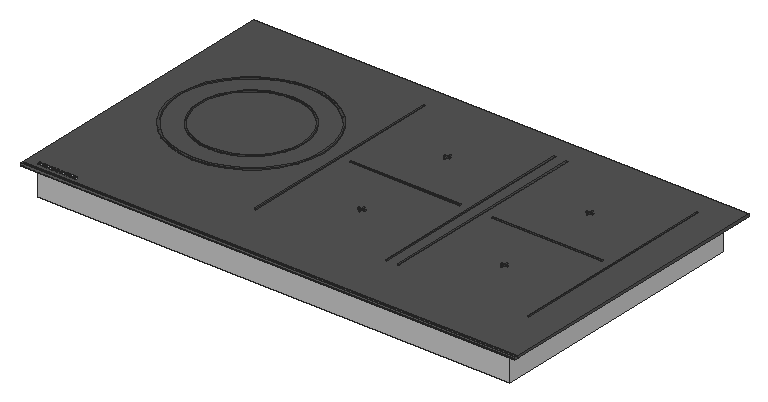
Revit family "FP_Revit_18_CI905DTB4_Cooktop_90000855B", category Specialty Equipment, Revit 2018
Family settings
  Round Connector Dimension = Use Diameter
  Part Type = Normal
  OmniClass Number = 23.40.40.14.17.11
  OmniClass Title = Cookers, Ovens, Stoves
  Work Plane-Based = No
  Always vertical = Yes
  Cut with Voids When Loaded = Yes
  Shared = No
  Room Calculation Point = No
Parameters
  Visibility - Clearance Required = yes
  URL = "www.fisherpaykel.com"
  Product - Width = 899 mm  # constant formula
  Product - Height = 54 mm  # constant formula
  Product - Depth = 530 mm  # constant formula
  Model = "CI905DTB4"
  Material - Trim = Fisher & Paykel - Aluminium, Dark
  Material - Graphics = Fisher & Paykel - Black, Matte
  Material - Cooktop = Fisher & Paykel - Glass, Black
  Material - Body = Fisher & Paykel - Grey
  Manufacturer = "Fisher & Paykel Appliances"
  FFL Offset [instance] = 900 mm
  Description = "90cm Induction Cooktop"
  Connector Note - Electrical = "220-240 V 3N, 380-415 V 3N, 43 A, 50 Hz,"
  Clearance - Side of cooktop to nearest Combustible Surface = 15.5 mm  # constant formula
  Clearance - Rear of cooktop to nearest Combustible Surface = 8 mm  # constant formula
  Clearance - Overhead Rangehood = 650 mm  # constant formula
  Clearance - Below = 65 mm  # constant formula
  Chassis - Width = 858 mm  # constant formula
  Chassis - Height = 49 mm  # constant formula
  Chassis - Depth = 484 mm  # constant formula
  Cavity - Width = 870 mm  # constant formula
  Cavity - Height = 65 mm  # constant formula
  Cavity - Depth = 494 mm  # constant formula
Reference planes
  plane 1 "Datum": y = 0
  plane 2: z = 0
  plane 3 "Center (Left/Right)": x = 0
  plane 4 "Product LHS": x = -449.5
  plane 5 "Product RHS": x = 449.5
  plane 6 "Product - Depth": y = 530
  plane 7 "Cavity LHS": x = -435
  plane 8 "Cavity RHS": x = 435
  plane 9 "Cavity - Depth": y = 502.7
  plane 10 "Chassis Front": y = 13.2
  plane 11 "Chassis - Depth": y = 497.2
  plane 12 "Basepan": z = 851
  plane 13 "Benchtop": z = 900
  plane 14 "Glass": z = 905
  plane 15 "Cavity - Front": y = 8.7
Forms (mm)
  Extrusion 1, solid, material "Fisher & Paykel - Glass, Black" <- "Material - Cooktop"
    sketch origin (0, 0, 0) x (0, 1, 0) y (0, 0, 1)
      loop
        line (5.299, 905) -> (5.299, 901) -> (530, 901) -> (530, 905) -> (5.299, 905)
    from -449.5 to 449.5
  Extrusion 2, solid, material "Fisher & Paykel - Aluminium, Dark" <- "Material - Trim", detail levels fine
    sketch origin (0, 0, 0) x (0, 1, 0) y (0, 0, 1)
      loop
        line (5.299, 905) -> (0.45, 905) -> (0, 901.5) -> (0, 900) -> (8.39, 900) -> (8.39, 901) -> (5.299, 901) -> (5.299, 905)
    from -449.5 to 449.5
  Extrusion 3, solid, material "Fisher & Paykel - Clearance Required (Cutout)", visible <- "Visibility - Clearance Required", detail levels coarse
    sketch origin (0, 24.768, 0) x (1, 0, 0) y (0, 1, 0)
      loop
        line (-435, 477.932) -> (-435, -16.068) -> (435, -16.068) -> (435, 477.932) -> (-435, 477.932)
    from 835 to 900
  Extrusion 4, solid, material "Fisher & Paykel - Aluminium, Dark" <- "Material - Trim", detail levels coarse+medium
    sketch origin (0, 0, 0) x (0, 1, 0) y (0, 0, 1)
      loop
        line (5.299, 905) -> (0, 905) -> (0, 900) -> (5.299, 900) -> (5.299, 905)
    from -449.5 to 449.5
  Extrusion 5, solid, material "Fisher & Paykel - Clearance Required (Combustible)", visible <- "Visibility - Clearance Required", detail levels coarse
    sketch origin (0, 1.7, 0) x (1, 0, 0) y (0, 1, 0)
      loop
        line (-465, -1.7) -> (-449.5, -1.7) -> (-449.5, 528.3) -> (449.5, 528.3) -> (449.5, -1.7) -> (465, -1.7) -> (465, 536.3) -> (-465, 536.3) -> (-465, -1.7)
    from 905 to 1555
  Extrusion 6, solid, material "Fisher & Paykel - Grey" <- "Material - Body"
    sketch origin (0, 0, 0) x (0, 1, 0) y (0, 0, 1)
      loop
        line (497.2, 851) -> (497.2, 900) -> (13.2, 900) -> (13.2, 851) -> (497.2, 851)
    from -429 to 429
  Extrusion 7, solid, material "Fisher & Paykel - Grey" <- "Material - Body"
    sketch origin (-151, 0, 0) x (1, 0, 0) y (0, 1, 0)
      loop
        line (-287, 520.2) -> (-287, 8.39) -> (589, 8.39) -> (589, 520.2) -> (-287, 520.2)
    from 900 to 901
  Extrusion 8, solid, material "Fisher & Paykel - Black, Matte" <- "Material - Graphics", detail levels fine
    sketch origin (0, 0, 0) x (1, 0, 0) y (0, 1, 0)
      loop
        line (-106.987, 487.735) -> (-106.987, 104.59) -> (-104.787, 104.59) -> (-104.787, 487.735) -> (-106.987, 487.735)
      loop
        line (-86.192, 296.263) -> (-86.192, 294.063) -> (113.808, 294.063) -> (113.808, 296.263) -> (-86.192, 296.263)
      loop
        line (172.974, 296.263) -> (172.974, 294.063) -> (372.474, 294.063) -> (372.474, 296.263) -> (172.974, 296.263)
      loop
        line (130.504, 487.735) -> (130.504, 104.59) -> (132.704, 104.59) -> (132.704, 487.735) -> (130.504, 487.735)
      loop
        line (152.18, 487.735) -> (152.18, 104.59) -> (154.379, 104.59) -> (154.379, 487.735) -> (152.18, 487.735)
      loop
        line (389.17, 487.735) -> (389.17, 104.59) -> (391.37, 104.59) -> (391.37, 487.735) -> (389.17, 487.735)
      loop
        circle (-265.54, 294.663) r 133.923
      loop
        circle (-265.54, 294.663) r 130.923
      loop
        circle (-265.54, 294.663) r 95
      loop
        circle (-265.54, 294.663) r 92.858
      loop
        line (11.782, 398.2) -> (11.782, 393.034) -> (6.616, 393.034) -> (6.616, 391.066) -> (11.782, 391.066) -> (11.782, 385.899) -> (13.75, 385.899) -> (13.75, 391.066) -> (18.916, 391.066) -> (18.916, 393.034) -> (13.75, 393.034) -> (13.75, 398.2) -> (11.782, 398.2)
      loop
        line (11.782, 204.31) -> (11.782, 199.144) -> (6.616, 199.144) -> (6.616, 197.176) -> (11.782, 197.176) -> (11.782, 192.009) -> (13.75, 192.009) -> (13.75, 197.176) -> (18.916, 197.176) -> (18.916, 199.144) -> (13.75, 199.144) -> (13.75, 204.31) -> (11.782, 204.31)
      loop
        line (270.877, 204.31) -> (270.877, 199.144) -> (265.711, 199.144) -> (265.711, 197.176) -> (270.877, 197.176) -> (270.877, 192.009) -> (272.845, 192.009) -> (272.845, 197.176) -> (278.011, 197.176) -> (278.011, 199.144) -> (272.845, 199.144) -> (272.845, 204.31) -> (270.877, 204.31)
      loop
        line (270.877, 398.2) -> (270.877, 393.034) -> (265.711, 393.034) -> (265.711, 391.066) -> (270.877, 391.066) -> (270.877, 385.899) -> (272.845, 385.899) -> (272.845, 391.066) -> (278.011, 391.066) -> (278.011, 393.034) -> (272.845, 393.034) -> (272.845, 398.2) -> (270.877, 398.2)
    from 905 to 906
  Extrusion 9, solid, material "Fisher & Paykel - Grey" <- "Material - Body", detail levels fine
    sketch origin (0, 0, 0) x (1, 0, 0) y (0, 1, 0)
      loop
        circle (0, 477.2) r 5
    from 845 to 851
  Extrusion 10, void
    sketch origin (0, 24.768, 0) x (1, 0, 0) y (0, 1, 0)
      loop
        line (-435, 477.932) -> (-435, -16.068) -> (435, -16.068) -> (435, 477.932) -> (-435, 477.932)
    from 835 to 900
  Extrusion 11, solid, material "Fisher & Paykel - Clearance Required", visible <- "Visibility - Clearance Required", detail levels coarse
    sketch origin (0, 0, 0) x (1, 0, 0) y (0, 1, 0)
      loop
        line (-449.5, 0) -> (449.5, 0) -> (449.5, 530) -> (-449.5, 530) -> (-449.5, 0)
    from 905 to 1555
Text (mm)
  text "Due to ongoing product development, product details are subject to change without notice. \nPlease always refer to www.fisherpaykel.com for the most current product information. \n© Fisher & Paykel 2020" at (41.04, -102.478, 0), in view "Ref. Level (Plan)"
Dimensions and locks
  equal spacing: plane 4 "Product LHS", plane 3 "Center (Left/Right)", plane 5 "Product RHS"
  "Product - Width": plane 4 "Product LHS" to plane 5 "Product RHS"
  equal spacing: plane 7 "Cavity LHS", plane 3 "Center (Left/Right)", plane 8 "Cavity RHS"
  "Cavity - Width": plane 7 "Cavity LHS" to plane 8 "Cavity RHS"
  "Product - Depth": Extrusion 1 to plane 1 "Datum"
  equal spacing: Extrusion 6, plane 3 "Center (Left/Right)", Extrusion 6
  "Chassis - Width": Extrusion 6 to Extrusion 6
  equal spacing: Extrusion 7, plane 3 "Center (Left/Right)", Extrusion 7, locked at 438 each
  locked: plane 1 "Datum" to plane 10 "Chassis Front" at 13.2
  "Chassis - Depth": plane 11 "Chassis - Depth" to plane 10 "Chassis Front"
  locked: plane 14 "Glass" to plane 13 "Benchtop" at 5
  "Chassis - Height": plane 13 "Benchtop" to plane 12 "Basepan"
  "FFL Offset": plane 13 "Benchtop" to level
  "Clearance - Below": plane 13 "Benchtop" to Extrusion 3
  locked: plane 14 "Glass" to Extrusion 1 sketch curve at 4
  locked: nested 1 to plane 14 "Glass" at 0.8
  locked: Extrusion 8 to plane 14 "Glass" at 1
  locked: Extrusion 9 to plane 13 "Benchtop" at 55
  "Clearance - Side of cooktop to nearest Combustible Surface": plane 5 "Product RHS" to Extrusion 5
  "Clearance - Side of cooktop to nearest Combustible Surface": Extrusion 5 to plane 4 "Product LHS"
  "Clearance - Overhead Rangehood": Extrusion 11 to plane 14 "Glass"
  "Cavity - Depth": plane 15 "Cavity - Front" to plane 9 "Cavity - Depth"
  locked: plane 1 "Datum" to plane 15 "Cavity - Front" at 8.7
  "Clearance - Rear of cooktop to nearest Combustible Surface": Extrusion 5 to plane 6 "Product - Depth"
  aligned and locked: level to plane 2
  aligned and locked: Extrusion 1 to plane 5 "Product RHS"
  aligned and locked: plane 4 "Product LHS" to Extrusion 1
  aligned and locked: Extrusion 2 to plane 5 "Product RHS"
  aligned and locked: plane 4 "Product LHS" to Extrusion 4
  aligned and locked: Extrusion 4 to plane 5 "Product RHS"
  aligned and locked: Extrusion 4 to Extrusion 1
  aligned and locked: Extrusion 1 to Extrusion 4  (x2)
  aligned and locked: Extrusion 3 to plane 9 "Cavity - Depth"
  aligned and locked: plane 4 "Product LHS" to Extrusion 2
  aligned and locked: plane 11 "Chassis - Depth" to Extrusion 6
  aligned and locked: Extrusion 6 to Extrusion 7
  aligned and locked: Extrusion 9 to Extrusion 6
  aligned and locked: Extrusion 5 to plane 14 "Glass"
  aligned and locked: plane 13 "Benchtop" to Extrusion 3
  aligned and locked: Extrusion 1 sketch curve to plane 14 "Glass"
  aligned and locked: Extrusion 7 to Extrusion 3
  aligned and locked: Extrusion 7 to Extrusion 1
  aligned and locked: Extrusion 6 to plane 12 "Basepan"
  aligned and locked: Extrusion 4 to Extrusion 2
  aligned and locked: Extrusion 2 to Extrusion 1
  aligned and locked: Extrusion 2 to Extrusion 3
  aligned and locked: Extrusion 1 to Extrusion 2
  aligned and locked: Extrusion 8 to Extrusion 1
  aligned and locked: Extrusion 10 to Extrusion 3
  aligned and locked: Extrusion 3 to Extrusion 10
  aligned and locked: Extrusion 11 to plane 14 "Glass"
  aligned and locked: Extrusion 5 to Extrusion 11
  aligned and locked: plane 15 "Cavity - Front" to Extrusion 3
Automatic sketch dimensions
  Extrusion 1 sketch curve to plane 6 "Product - Depth" = 0 mm
  Extrusion 2 sketch curve to plane 1 "Datum" = 0 mm
  Extrusion 2 sketch curve to plane 14 "Glass" = 0 mm
  Extrusion 2 sketch curve to plane 13 "Benchtop" = 0 mm
  Extrusion 2 sketch curve to plane 1 "Datum" = 0.45 mm
  plane 13 "Benchtop" to Extrusion 2 sketch curve = 1 mm
  plane 13 "Benchtop" to Extrusion 2 sketch curve = 1.5 mm
  plane 9 "Cavity - Depth" to Extrusion 3 sketch curve = 0 mm
  plane 7 "Cavity LHS" to Extrusion 3 sketch curve = 0 mm
  Extrusion 3 sketch curve to plane 8 "Cavity RHS" = 0 mm
  Extrusion 4 sketch curve to plane 1 "Datum" = 0 mm
  Extrusion 4 sketch curve to plane 13 "Benchtop" = 0 mm
  Extrusion 4 sketch curve to plane 14 "Glass" = 0 mm
  Extrusion 6 sketch curve to plane 10 "Chassis Front" = 0 mm
  Extrusion 6 sketch curve to plane 11 "Chassis - Depth" = 0 mm
  Extrusion 6 sketch curve to plane 12 "Basepan" = 0 mm
  Extrusion 6 sketch curve to plane 13 "Benchtop" = 0 mm
  plane 7 "Cavity LHS" to Extrusion 7 sketch curve = 3 mm
  Extrusion 7 sketch curve to plane 8 "Cavity RHS" = 3 mm
  Extrusion 7 sketch curve to plane 6 "Product - Depth" = 9.8 mm
  Extrusion 8 sketch curve to Extrusion 8 sketch curve = 0 mm  (x25)
  Extrusion 8 sketch curve to plane 7 "Cavity LHS" = 169.46 mm
  Extrusion 8 sketch curve to plane 3 "Center (Left/Right)" = 106.987 mm
  Extrusion 8 sketch curve to Extrusion 8 sketch curve = 2.2 mm  (x6)
  Extrusion 8 sketch curve to plane 3 "Center (Left/Right)" = 86.192 mm
  plane 3 "Center (Left/Right)" to Extrusion 8 sketch curve = 6.616 mm  (x2)
  Extrusion 8 sketch curve to Extrusion 8 sketch curve = 5.166 mm  (x16)
  Extrusion 8 sketch curve to Extrusion 8 sketch curve = 1.968 mm  (x12)
  plane 3 "Center (Left/Right)" to Extrusion 8 sketch curve = 113.808 mm
  Extrusion 8 sketch curve to plane 11 "Chassis - Depth" = 9.465 mm  (x4)
  plane 3 "Center (Left/Right)" to Extrusion 8 sketch curve = 130.504 mm
  Extrusion 8 sketch curve to Extrusion 8 sketch curve = 19.475 mm
  Extrusion 8 sketch curve to Extrusion 8 sketch curve = 59.166 mm
  Extrusion 8 sketch curve to Extrusion 8 sketch curve = 92.737 mm  (x2)
  plane 8 "Cavity RHS" to Extrusion 8 sketch curve = 62.526 mm
  plane 8 "Cavity RHS" to Extrusion 8 sketch curve = 45.83 mm
  Extrusion 8 sketch curve to plane 11 "Chassis - Depth" = 99 mm  (x2)
  Extrusion 8 sketch curve to Extrusion 8 sketch curve = 94.803 mm  (x2)
  Extrusion 8 sketch curve to Extrusion 8 sketch curve = 1.6 mm
  Extrusion 8 sketch curve to Extrusion 8 sketch curve = 89.753 mm  (x2)
  plane 10 "Chassis Front" to Extrusion 8 sketch curve = 91.39 mm  (x3)
  Extrusion 9 sketch curve to plane 3 "Center (Left/Right)" = 0 mm
  Extrusion 9 sketch curve to plane 11 "Chassis - Depth" = 20 mm
  plane 9 "Cavity - Depth" to Extrusion 10 sketch curve = 0 mm
  plane 7 "Cavity LHS" to Extrusion 10 sketch curve = 0 mm
  Extrusion 10 sketch curve to plane 8 "Cavity RHS" = 0 mm
  Extrusion 5 sketch curve to plane 4 "Product LHS" = 0 mm
  Extrusion 5 sketch curve to plane 1 "Datum" = 0 mm  (x2)
  Extrusion 5 sketch curve to plane 5 "Product RHS" = 0 mm
  plane 6 "Product - Depth" to Extrusion 5 sketch curve = 0 mm
  Extrusion 5 sketch curve to Extrusion 5 sketch curve = 15.5 mm
  plane 6 "Product - Depth" to Extrusion 5 sketch curve = 8 mm
  Extrusion 5 sketch curve to plane 5 "Product RHS" = 15.5 mm
  Extrusion 11 sketch curve to plane 4 "Product LHS" = 0 mm
  Extrusion 11 sketch curve to plane 5 "Product RHS" = 0 mm
  plane 1 "Datum" to Extrusion 11 sketch curve = 0 mm
  Extrusion 11 sketch curve to plane 6 "Product - Depth" = 0 mm
  Extrusion 1 sketch curve to plane 1 "Datum" = 5.299 mm
  Extrusion 2 sketch curve to Extrusion 2 sketch curve = 4.85 mm
  Extrusion 2 sketch curve to Extrusion 2 sketch curve = 3.09 mm
  Extrusion 3 sketch curve to plane 10 "Chassis Front" = 4.5 mm
  Extrusion 4 sketch curve to plane 1 "Datum" = 5.299 mm
  Extrusion 7 sketch curve to plane 10 "Chassis Front" = 4.811 mm
  Extrusion 10 sketch curve to plane 10 "Chassis Front" = 4.5 mm
  radius of Extrusion 8 sketch curve = 133.923 mm
  radius of Extrusion 8 sketch curve = 130.923 mm
  radius of Extrusion 8 sketch curve = 95 mm
  radius of Extrusion 8 sketch curve = 92.858 mm
  radius of Extrusion 9 sketch curve = 5 mm
Nested families
  nested 1: "F&P Logo 70mm Horizontal" at (-394.001, 14.253, 905), type "F&P Logo 70mm Horizontal"
Connectors
  electrical at (0, 477.2, 845), driven by "Connector Note - Electrical"
    settings: on Extrusion 9, index 1, voltage 230 V, apparent load 0 VA, apparent load phase1 0 VA, apparent load phase2 0 VA, apparent load phase3 0 VA, power factor 1, load classification "Other", number of poles 1, system type 30, power factor state 1, is connector primary yes, connector utility no, sub classification motor no, connector description "220-240 V 3N, 380-415 V 3N, 43 A, 50 Hz,"
Definition of nested family "F&P Logo 70mm Horizontal"
  Parameters (values of type "F&P Logo 70mm Horizontal")
    URL = "www.fisherpaykel.com"
    Material - Logo = none
    Manufacturer = "Fisher & Paykel Appliances"
  Reference planes
    plane 1 "Center (Front/Back)": y = 0
    plane 2: z = 0
    plane 3 "Center (Left/Right)": x = 0
  Forms (mm)
    Extrusion 1, solid, material <- "Material - Logo", detail levels fine
      sketch origin (0, 0, 0) x (1, 0, 0) y (0, 1, 0)
        loop
          line (-34.997, -0.356) -> (-33.895, -0.356) -> (-33.895, 1.141) -> (-32.174, 1.141) -> (-32.174, 2.075) -> (-33.895, 2.075) -> (-33.895, 2.943) -> (-32.023, 2.943) -> (-32.023, 3.872) -> (-34.997, 3.872) -> (-34.997, -0.356)
        loop
          line (-29.929, 3.872) -> (-29.929, -0.356) -> (-28.828, -0.356) -> (-28.828, 3.872) -> (-29.929, 3.872)
        loop
          line (-21.473, 3.872) -> (-21.473, -0.356) -> (-20.372, -0.356) -> (-20.372, 1.338) -> (-18.754, 1.338) -> (-18.754, -0.356) -> (-17.652, -0.356) -> (-17.652, 3.872) -> (-18.754, 3.872) -> (-18.754, 2.268) -> (-20.372, 2.268) -> (-20.372, 3.872) -> (-21.473, 3.872)
        loop
          line (-15.301, 3.872) -> (-15.301, -0.356) -> (-12.288, -0.356) -> (-12.288, 0.444) -> (-14.209, 0.444) -> (-14.209, 1.338) -> (-12.453, 1.338) -> (-12.453, 2.268) -> (-14.209, 2.268) -> (-14.209, 3.072) -> (-12.288, 3.072) -> (-12.288, 3.872) -> (-15.301, 3.872)
        loop
          line (32, 3.872) -> (32, -0.356) -> (35.003, -0.356) -> (35.003, 0.574) -> (33.102, 0.574) -> (33.102, 3.872) -> (32, 3.872)
        loop
          line (29.735, 3.872) -> (26.712, 3.872) -> (26.712, -0.356) -> (29.735, -0.356) -> (29.735, 0.444) -> (27.814, 0.444) -> (27.814, 1.338) -> (29.57, 1.338) -> (29.57, 2.268) -> (27.814, 2.268) -> (27.814, 3.072) -> (29.735, 3.072) -> (29.735, 3.872)
        loop
          line (23.449, 1.848) -> (25.012, 3.872) -> (23.724, 3.872) -> (22.374, 2.124) -> (22.374, 3.872) -> (21.273, 3.872) -> (21.273, -0.356) -> (22.374, -0.356) -> (22.374, 1.538) -> (23.765, -0.356) -> (25.067, -0.356) -> (23.449, 1.848)
        loop
          line (15.42, 3.872) -> (17.017, 1.338) -> (17.017, -0.356) -> (18.119, -0.356) -> (18.119, 1.283) -> (19.717, 3.872) -> (18.546, 3.872) -> (17.603, 2.239) -> (16.66, 3.872) -> (15.42, 3.872)
        loop
          line (12.969, 3.872) -> (11.922, 3.872) -> (10.2, -0.356) -> (11.282, -0.356) -> (11.585, 0.422) -> (13.278, 0.422) -> (13.581, -0.356) -> (14.69, -0.356) -> (12.969, 3.872)
        loop
          line (12.913, 1.352) -> (12.419, 2.566) -> (11.946, 1.352) -> (12.913, 1.352)
        loop
          line (5.556, 3.872) -> (5.556, -0.356) -> (6.653, -0.356) -> (6.653, 1.001) -> (7.453, 1.001)
          spline (7.453, 1.001) -> (7.884, 1.05) -> (8.285, 1.193) -> (8.63, 1.421) -> (8.895, 1.719) -> (9.061, 2.065) -> (9.118, 2.436) -> (9.061, 2.808) -> (8.895, 3.154) -> (8.63, 3.452) -> (8.285, 3.68) -> (7.884, 3.823) -> (7.453, 3.872)
          line (7.453, 3.872) -> (5.556, 3.872)
        loop
          spline (7.385, 1.882) -> (7.558, 1.9) -> (7.72, 1.953) -> (7.858, 2.037) -> (7.965, 2.147) -> (8.032, 2.275) -> (8.055, 2.412) -> (8.032, 2.55) -> (7.965, 2.677) -> (7.858, 2.787) -> (7.72, 2.872) -> (7.558, 2.924) -> (7.385, 2.943)
          line (7.385, 2.943) -> (6.585, 2.943) -> (6.585, 1.882) -> (7.385, 1.882)
        loop
          line (-8.294, 2.943) -> (-9.094, 2.943) -> (-9.094, 1.781) -> (-8.294, 1.781)
          spline (-8.294, 1.781) -> (-8.121, 1.801) -> (-7.96, 1.859) -> (-7.822, 1.951) -> (-7.716, 2.072) -> (-7.649, 2.212) -> (-7.626, 2.362) -> (-7.649, 2.512) -> (-7.716, 2.652) -> (-7.822, 2.772) -> (-7.96, 2.865) -> (-8.121, 2.923) -> (-8.294, 2.943)
        loop
          line (-8.214, 3.872) -> (-10.262, 3.872) -> (-10.262, -0.356) -> (-9.094, -0.356) -> (-9.094, 0.492) -> (-8.294, 0.492) -> (-7.647, -0.356) -> (-6.373, -0.356) -> (-7.445, 1.016)
          spline (-7.445, 1.016) -> (-7.148, 1.205) -> (-6.902, 1.45) -> (-6.72, 1.739) -> (-6.611, 2.058) -> (-6.58, 2.391) -> (-6.628, 2.723) -> (-6.754, 3.037) -> (-6.95, 3.317) -> (-7.208, 3.551) -> (-7.515, 3.726) -> (-7.856, 3.835) -> (-8.214, 3.872)
        loop
          line (0.368, 2.943) -> (0.368, 3.951) -> (-2.559, 3.951) -> (-2.559, 3.151) -> (-2.048, 2.522)
          spline (-2.048, 2.522) -> (-2.373, 2.187) -> (-2.606, 1.789) -> (-2.731, 1.355) -> (-2.74, 0.914) -> (-2.632, 0.497) -> (-2.414, 0.133) -> (-2.102, -0.155) -> (-1.716, -0.347) -> (-1.283, -0.429) -> (-0.832, -0.395) -> (-0.395, -0.249) -> (0, 0)
          line (0, 0) -> (0.504, -0.621) -> (1.644, -0.621) -> (0.602, 0.712) -> (1.591, 2.137) -> (0.459, 2.137) -> (0.003, 1.48) -> (-1.14, 2.943) -> (0.368, 2.943)
        loop
          spline (-1.353, 1.874) -> (-1.563, 1.673) -> (-1.729, 1.449) -> (-1.839, 1.217) -> (-1.886, 0.992) -> (-1.867, 0.792) -> (-1.783, 0.627) -> (-1.639, 0.511) -> (-1.447, 0.451) -> (-1.218, 0.451) -> (-0.968, 0.512) -> (-0.714, 0.628) -> (-0.475, 0.792)
          line (-0.475, 0.792) -> (-1.353, 1.874)
        loop
          arc (-25.449, 3.004) -> (-24.591, 2.949) -> (-23.808, 2.592) r 2.379
          line (-23.808, 2.592) -> (-23.808, 3.586)
          arc (-23.808, 3.586) -> (-24.619, 3.915) -> (-25.494, 3.936) r 2.437
          arc (-25.494, 3.936) -> (-26.617, 2.99) -> (-26.18, 1.588) r 1.327
          arc (-26.18, 1.588) -> (-25.746, 1.367) -> (-25.276, 1.236) r 2.46
          spline (-25.276, 1.236) -> (-25.124, 1.211) -> (-24.98, 1.158) -> (-24.856, 1.083) -> (-24.761, 0.989) -> (-24.703, 0.886) -> (-24.686, 0.78) -> (-24.713, 0.681) -> (-24.78, 0.596) -> (-24.882, 0.532) -> (-25.011, 0.494) -> (-25.158, 0.485) -> (-25.311, 0.505)
          arc (-25.311, 0.505) -> (-26.045, 0.647) -> (-26.714, 0.98) r 2.761
          line (-26.714, 0.98) -> (-26.714, -0.067)
          arc (-26.714, -0.067) -> (-25.66, -0.377) -> (-24.564, -0.318) r 3.237
          arc (-24.564, -0.318) -> (-23.597, 0.72) -> (-24.205, 2.002) r 1.263
          arc (-24.205, 2.002) -> (-24.834, 2.249) -> (-25.488, 2.42) r 5.78
          spline (-25.488, 2.42) -> (-25.537, 2.449) -> (-25.58, 2.49) -> (-25.615, 2.541) -> (-25.639, 2.6) -> (-25.653, 2.664) -> (-25.654, 2.73) -> (-25.644, 2.795) -> (-25.622, 2.856) -> (-25.59, 2.909) -> (-25.549, 2.953) -> (-25.502, 2.985) -> (-25.449, 3.004)
      from 0 to 0.8
  Dimensions and locks
    Extrusion 1 sketch curve to Extrusion 1 sketch curve = 70 mm
    aligned and locked: level to plane 2
